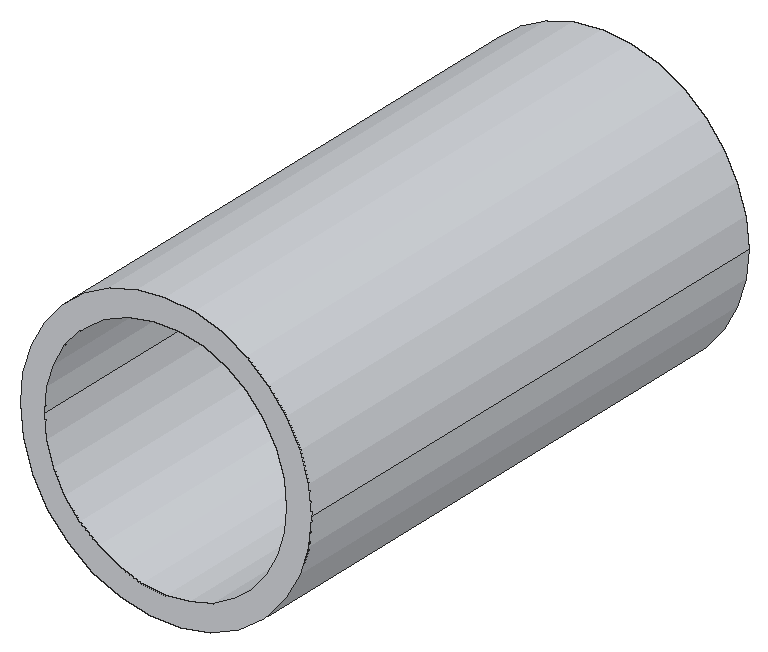
Revit family "PSC20W", category Generic Models, Revit 2017
Family settings
  Can host rebar = No
  Round Connector Dimension = Use Diameter
  Part Type = Normal
  Work Plane-Based = Yes
  Always vertical = No
  Cut with Voids When Loaded = No
  Shared = No
  Room Calculation Point = No
Parameters (values of type "NBS Standard Parameters")
  Weight = "0.0103Kg"
  WarrantyStartDate [instance] = "1900-12-31T23:59:59"
  WarrantyGuarantorParts = "n/a"
  WarrantyGuarantorLabor = "n/a"
  WarrantyDurationUnit = "1 year"
  WarrantyDurationParts = "n/a"
  WarrantyDurationLabor = "n/a"
  WarrantyDescription = "n/a"
  Version = "1"
  Uniclass2 = "Pr_65_70_11_20"
  TagNumber [instance] = "n/a"
  SustainabilityPerformance = "n/a"
  Size = "20mm"
  Shape = "Circular"
  SerialNumber [instance] = "n/a"
  Revision = "n/a"
  ReplacementCost = "n/a"
  ProductInformation = "www.metpro.co.uk/pdf/psc20w.pdf"
  NominalWidth = 24 mm
  NominalLength = 24 mm
  NominalHeight = 45 mm
  Name = ""
  NBSTypeID = ""
  NBSReference = "90-55-10/460"
  NBSOfficeMasterTag = ""
  NBSNote = ""
  NBSDescription = "Conduit Fittings"
  NBSCertification = ""
  ModelReference = "PSC20W"
  ModelNumber = "n/a"
  Material = "PVC"
  ManufacturerURL = "www.metpro.co.uk"
  ManufacturerName = "Metpro Ltd"
  Keynote = "Manufactured to BS4607 part 1"
  InstallationDate [instance] = "1900-12-31T23:59:59"
  IfcExportType = ""
  IfcExportAs = ""
  Grade = "n/a"
  Finish = "White"
  Features = "n/a"
  ExpectedLife = "n/a"
  DurationUnit = "year"
  Description = "PSC20W  -  20mm Solid Coupler"
  Default Elevation = 1219.2 mm
  Constituents = "n/a"
  Color = "n/a"
  CodePerformance = "n/a"
  Category = "n/a"
  BarCode [instance] = "n/a"
  BIMObjectName = "Metpro_metprolibrary_conduitfittings_PVC component_accessory"
  Author = "Metpro Ltd"
  AssetType = ""
  AssetIdentifier [instance] = "n/a"
  AccessibilityPerformance = "n/a"
Reference planes
  plane 1 "Center (Front/Back)": y = 0
  plane 2: z = 0
  plane 3 "Center (Left/Right)": x = 0
Forms (mm)
  Extrusion 1, solid
    sketch origin (-163.857, -33.109, 0) x (0, 0, -1) y (-1, 0, 0)
      loop
        circle (0.525, 3.327) r 12
      loop
        circle (0.525, 3.327) r 10
    from -22.5 to 22.5
  Extrusion 2, solid
    sketch origin (-163.857, -33.109, 0) x (0, 0, -1) y (-1, 0, 0)
      loop
        circle (0.525, 3.327) r 10.961
      loop
        circle (0.525, 3.327) r 8
    from -1 to 1
Dimensions and locks
  aligned and locked: level to plane 2
